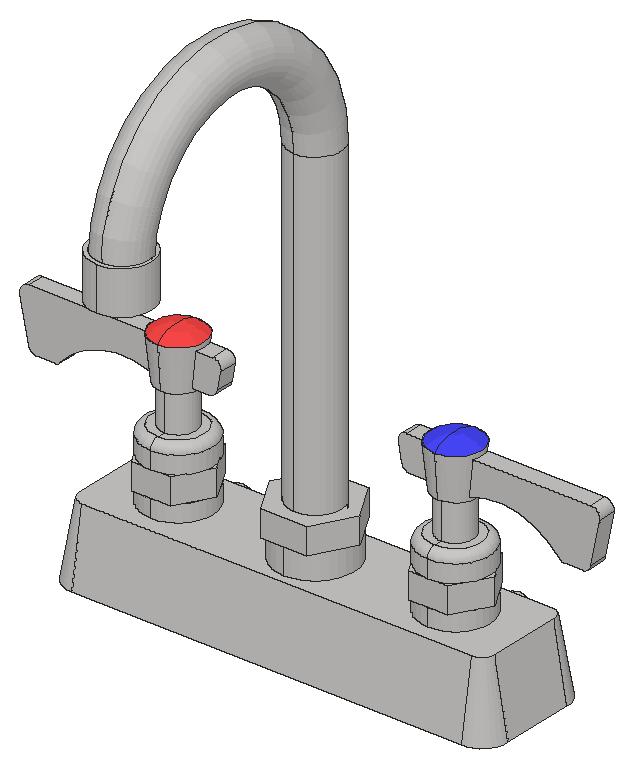
Revit family "Krowne_15-325L_DeckMount_Faucet", category Plumbing Fixtures, Revit 2018
Family settings
  Round Connector Dimension = Use Diameter
  Part Type = Normal
  OmniClass Number = 23.40.40.00
  OmniClass Title = Food Service Equipment and Furnishings
  Work Plane-Based = No
  Always vertical = Yes
  Cut with Voids When Loaded = No
  Shared = No
  Room Calculation Point = No
Parameters (values of type "DefaultType")
  Width = 8 3/8"
  Weight in Pounds = 5
  Watermarked By = ""
  Waste Water Discharge Temperature [instance] = -459.67 °F
  URL Cutsheet = ""
  URL = "https://krowne.com/"
  Status [instance] = ""
  Specification by User [instance] = ""
  Specification by Manufacturer [instance] = ""
  Serial Number [instance] = ""
  Revision Code [instance] = ""
  Plumbing Remarks [instance] = ""
  Plumbing Connection Type = ""
  NAFEM Spec ID Number [instance] = ""
  Model = "15-325L"
  Masterspec [instance] = ""
  Manufacturer = "Krowne Metal"
  KCLRef = "KCL2C9,,0004c586-0000-0000-0000-000000000307,KR,15-325L ,637100880040000000,c44e7d59-367d-435c-9bc7-db3a8c9d2ff0,959c6856-f397-4dd0-adf9-86bfaaf287e4"
  KCL SpecSheet URL = "http://kclweb.kclcad.com/imagehandler.ashx?kdoc=15-3xxl&R=KR&M=15-325L%20&VC=7&TID=KCLWeb&T=doc"
  Item Number [instance] = "-"
  Installed By [instance] = ""
  Hot Water Temperature = 100 °F
  Hot Water Size = 1/2"
  Hot Water RI Height [instance] = 0"
  Hot Water Minimum Pressure = 0.00 psi
  Hot Water Maximum Pressure = 0.00 psi
  Hot Water Flow = 0.5 GPM
  Hot Water Consumption = 0 GPM
  Hot Water Connection Height = 0"
  Height = 3 3/8"
  Furnished By [instance] = ""
  Foodservice Equipment Identifier = yes
  Description = "Deck Mount Faucet"
  Depth = 1 7/8"
  Cold Water Temperature Recommended = -459.67 °F
  Cold Water Size = 1/2"
  Cold Water RI Height [instance] = 0"
  Cold Water Minimum Pressure = 0.00 psi
  Cold Water Maximum Pressure = 0.00 psi
  Cold Water Flow = 0.5 GPM
  Cold Water Consumption = ""
  Cold Water Connection Height = 0"
  CSI MasterFormat = ""
  Assembly Code = "E1090300"
Reference planes (in)
  plane 1 "BACK": y = 0
  plane 2: z = 0
  plane 3 "LEFT": x = -16.75323
  plane 4 "RIGHT": x = -8.37823
  plane 5 "FRONT": y = -1.875
  plane 6 "TOP": z = 3.375
  plane 7 "CENTER L/R": x = -12.56573
  plane 8 "Top of Body": z = 1.0625
  plane 9: y = -0.9375
  plane 10: z = 5.9375
  plane 11: y = -4.4375
  plane 12: z = 8.5625
Forms (in)
  Sweep 1, solid, material "QF_Stainless-Polished"
    path origin (-12.56573, 0, 0) x (0, 1, 0) y (0, 0, 1)
      loop
        line (-0.9375, 1.0625) -> (-0.9375, 6.4375)
        arc (-0.9375, 6.4375) -> (-2.6875, 8.1875) -> (-4.4375, 6.4375) r 1.75
        line (-4.4375, 6.4375) -> (-4.4375, 5.9375)
    profile origin (-12.56573, -0.9375, 3.75) x (0, -1, 0) y (1, 0, 0)
      loop
        circle (0, 0) r 0.375
      loop
        circle (0, 0) r 0.25
  Extrusion 2, solid, material "QF_Stainless-Polished"
    sketch origin (0, 0, 1.0625) x (0, 1, 0) y (-1, 0, 0)
      loop
        circle (-0.9375, 12.56573) r 0.375
      loop
        circle (-0.9375, 12.56573) r 0.4375
    from 0 to 0.625
  Extrusion 3, solid, material "QF_Stainless-Polished"
    sketch origin (0, 0, 1.0625) x (0, 1, 0) y (-1, 0, 0)
      loop
        circle (-0.9375, 12.56573) r 0.5625
      loop
        circle (-0.9375, 12.56573) r 0.375
    from 0 to 0.375
  Extrusion 4, solid, material "QF_Stainless-Polished"
    sketch origin (0, 0, 1.4375) x (0, 1, 0) y (-1, 0, 0)
      loop
        line (-0.9375, 11.91391) -> (-0.37301, 12.23982) -> (-0.37301, 12.89163) -> (-0.9375, 13.21754) -> (-1.50199, 12.89163) -> (-1.50199, 12.23982) -> (-0.9375, 11.91391)
      loop
        circle (-0.9375, 12.56573) r 0.375
    from 0 to 0.375
  Extrusion 5, solid, material "QF_Stainless-Polished"
    sketch origin (-12.56573, -4.4375, 5.9375) x (0, -1, 0) y (-1, 0, 0)
      loop
        circle (0, 0) r 0.375
      loop
        circle (0, 0) r 0.4375
    from 0 to -0.625
Lines and regions (in)
  symbolic lines
    curve 1: line (-12.23982, -0.37301, 0) -> (-12.89163, -0.37301, 0)
    curve 2: line (-12.89163, -0.37301, 0) -> (-13.21754, -0.9375, 0)
    curve 3: line (-13.21754, -0.9375, 0) -> (-12.94073, -1.41696, 0)
    curve 4: line (-12.19073, -1.41696, 0) -> (-11.91391, -0.9375, 0)
    curve 5: line (-11.91391, -0.9375, 0) -> (-12.23982, -0.37301, 0)
    curve 6: arc (-12.56573, -1.3125, 0) -> (-12.94073, -0.9375, 0) -> (-12.56573, -0.5625, 0) r 0.375
    curve 7: arc (-12.56573, -0.5625, 0) -> (-12.19073, -0.9375, 0) -> (-12.56573, -1.3125, 0) r 0.375
    curve 8: arc (-12.94073, -4.4375, 0) -> (-12.83089, -4.70267, 0) -> (-12.56573, -4.8125, 0) r 0.375
    curve 9: arc (-12.56573, -4.8125, 0) -> (-12.30056, -4.70267, 0) -> (-12.19073, -4.4375, 0) r 0.375
    curve 10: line (-12.94073, -4.4375, 0) -> (-12.94073, -0.9375, 0)
    curve 11: line (-12.19073, -0.9375, 0) -> (-12.19073, -4.4375, 0)
Dimensions and locks (in)
  "Width": plane 3 "LEFT" to plane 4 "RIGHT"
  "Depth": plane 5 "FRONT" to plane 1 "BACK"
  "Height": plane 6 "TOP" to plane 2
  plane 8 "Top of Body" to level = 1 1/16"
  equal spacing: plane 5 "FRONT", plane 9, plane 1 "BACK"
  equal spacing: plane 3 "LEFT", plane 7 "CENTER L/R", plane 4 "RIGHT"
  plane 10 to plane 8 "Top of Body" = 4 7/8"
  plane 11 to plane 1 "BACK" = 4 7/16"
  plane 12 to plane 8 "Top of Body" = 7 1/2"
  aligned and locked: level to plane 2
  aligned and locked: plane 9 to Sweep 1 sketch curve
  aligned and locked: Sweep 1 sketch curve to plane 11
  aligned and locked: plane 10 to Sweep 1 sketch curve
Automatic sketch dimensions
  Sweep 1 sketch curve to plane 8 "Top of Body" = 0"
  Sweep 1 sketch curve to Sweep 1 sketch curve = 0"  (x2)
  Sweep 1 sketch curve to plane 7 "CENTER L/R" = 0"
  Sweep 1 sketch curve to profile plane = 0"
  Extrusion 2 sketch curve to Extrusion 2 sketch curve = 0"  (x2)
  Extrusion 2 sketch curve to plane 7 "CENTER L/R" = 0"
  plane 9 to Extrusion 2 sketch curve = 0"
  Extrusion 4 sketch curve to Extrusion 4 sketch curve = 0"  (x2)
  Extrusion 4 sketch curve to Extrusion 4 sketch curve = 0.56449"  (x2)
  Extrusion 4 sketch curve to Extrusion 4 sketch curve = 0.32591"  (x5)
  Extrusion 4 sketch curve to Extrusion 4 sketch curve = 0.65182"
  curve 8 to curve 9 = 0"
  plane 9 to curve 2 = 0"
  plane 11 to curve 10 = 0"
  plane 9 to curve 10 = 0"
  curve 6 to plane 7 "CENTER L/R" = 0"
  plane 9 to curve 11 = 0"
  plane 9 to curve 4 = 0"
  plane 9 to curve 6 = 0"
  curve 1 to plane 7 "CENTER L/R" = 0.32591"
  curve 10 to curve 8 = 3/8"
  curve 3 to curve 10 = 0.27682"
  plane 7 "CENTER L/R" to curve 5 = 0.32591"
  curve 11 to curve 4 = 0.27682"
  plane 1 "BACK" to curve 1 = 0.37301"
  curve 3 to curve 6 = 0.10446"
  curve 4 to curve 6 = 0.10446"
  Extrusion 3 sketch curve to Extrusion 3 sketch curve = 0"  (x2)
  Extrusion 3 sketch curve to plane 7 "CENTER L/R" = 0"
  plane 9 to Extrusion 3 sketch curve = 0"
  Sweep 1 sketch curve to Sweep 1 sketch curve = 1/2"
  radius of Sweep 1 sketch curve = 3/8"
  radius of Sweep 1 sketch curve = 1/4"
  radius of Extrusion 2 sketch curve = 3/8"
  radius of Extrusion 2 sketch curve = 7/16"
  radius of Extrusion 4 sketch curve to Extrusion 3 = 0"
  radius of Extrusion 5 sketch curve to Sweep 1 = 0"
  radius of Sweep 1 to Extrusion 5 sketch curve = 1/16"
  radius of Extrusion 3 sketch curve = 9/16"
  radius of Extrusion 3 sketch curve = 3/8"
Nested families (in)
  nested 1: "QF_Krowne_15-3_Body" at (-0.1875, 0, 0), type "QF_Krowne_15-3_Body"
Connectors (in)
  piping at (-14.56573, 0.25, 0.53125), diameter 0.5, driven by "Hot Water Flow", driven by "Hot Water Size"
    settings: on nested 1, index 1, connector inside diameter 24", connector length 0", flow factor 0, pipe flow 0.5 GPM, pressure drop 0.00 psi, fitting loss kfactor 0, connector angle 0.00°, fixture units 0, engagement length 0", angle of deflection 0.00°, flow configuration 1, flow direction 1, fitting loss method 0, system type 19, joint type 0, gender type 0, connector reference index -1, connector utility 0, adjustable connector no, is connector primary yes, connector description "HOT WATER"
  piping at (-10.56573, 0.25, 0.53125), diameter 0.5, driven by "Cold Water Flow", driven by "Cold Water Size"
    settings: on nested 1, index 2, connector inside diameter 24", connector length 0", flow factor 0, pipe flow 0.5 GPM, pressure drop 0.00 psi, fitting loss kfactor 0, connector angle 0.00°, fixture units 0, engagement length 0", angle of deflection 0.00°, flow configuration 1, flow direction 1, fitting loss method 0, system type 20, joint type 0, gender type 0, connector reference index -1, connector utility 0, adjustable connector no, is connector primary no, connector description "COLD WATER"
Definition of nested family "QF_Krowne_15-3_Body"
  Parameters (values of type "QF_Krowne_15-3_Body")
    Width = 8 5/16"
    Watermarked By = ""
    Height = 3 7/8"
    Description = ""
    Depth = 1 13/16"
  Reference planes (in)
    plane 1 "BACK": y = 0
    plane 2: z = 0
    plane 3 "LEFT": x = -16.53448
    plane 4 "RIGHT": x = -8.22198
    plane 5 "TOP": z = 3.1875
    plane 6 "Center": x = -12.37823
    plane 7 "Left of Handle": x = -14.37823
    plane 8 "Right of Handle": x = -10.37823
    plane 9 "Top of Body": z = 1.0625
    plane 10 "FRONT": y = -1.8125
    plane 11: x = -15.56573
    plane 12: x = -9.19073
    plane 13 "Faucet Handle Center": y = -0.90625
    plane 14: y = -0.78125
    plane 15: y = -1.03125
    plane 16: z = 0.53125
    plane 17: z = 3.375
  Forms (in)
    Blend 1, solid
      base sketch origin (0, 0, 0) x (1, 0, 0) y (0, 1, 0)
        loop
          line (-15.19073, -1.8125) -> (-9.56573, -1.8125)
          arc (-9.56573, -1.8125) -> (-9.30056, -1.70267) -> (-9.19073, -1.4375) r 0.375
          line (-9.19073, -1.4375) -> (-9.19073, -0.375)
          arc (-9.19073, -0.375) -> (-9.30056, -0.10983) -> (-9.56573, 0) r 0.375
          line (-9.56573, 0) -> (-15.19073, 0)
          arc (-15.19073, 0) -> (-15.45589, -0.10983) -> (-15.56573, -0.375) r 0.375
          line (-15.56573, -0.375) -> (-15.56573, -1.4375)
          arc (-15.56573, -1.4375) -> (-15.45589, -1.70267) -> (-15.19073, -1.8125) r 0.375
      top sketch origin (0, 0, 0) x (1, 0, 0) y (0, 1, 0)
        loop
          arc (-15.37823, -1.4375) -> (-15.32331, -1.57008) -> (-15.19073, -1.625) r 0.1875
          line (-15.19073, -1.625) -> (-9.56573, -1.625)
          arc (-9.56573, -1.625) -> (-9.43314, -1.57008) -> (-9.37823, -1.4375) r 0.1875
          line (-9.37823, -1.4375) -> (-9.37823, -0.375)
          arc (-9.37823, -0.375) -> (-9.43314, -0.24242) -> (-9.56573, -0.1875) r 0.1875
          line (-9.56573, -0.1875) -> (-15.19073, -0.1875)
          arc (-15.19073, -0.1875) -> (-15.32331, -0.24242) -> (-15.37823, -0.375) r 0.1875
          line (-15.37823, -0.375) -> (-15.37823, -1.4375)
      from 0 to 1.0625
    Extrusion 2, solid
      sketch origin (0, 0, 1.0625) x (0, 1, 0) y (-1, 0, 0)
        loop
          circle (-0.90625, 14.37823) r 0.5
        loop
          circle (-0.90625, 10.37823) r 0.5
      from 0 to 0.25
    Extrusion 3, solid
      sketch origin (0, 0, 1.3125) x (0, 1, 0) y (-1, 0, 0)
        loop
          line (-0.90625, 13.81573) -> (-0.41911, 14.09698) -> (-0.41911, 14.65948) -> (-0.90625, 14.94073) -> (-1.39339, 14.65948) -> (-1.39339, 14.09698) -> (-0.90625, 13.81573)
        loop
          line (-0.90625, 9.81573) -> (-0.41911, 10.09698) -> (-0.41911, 10.65948) -> (-0.90625, 10.94073) -> (-1.39339, 10.65948) -> (-1.39339, 10.09698) -> (-0.90625, 9.81573)
      from 0 to 0.375
    Revolve 4, solid
      sketch origin (-14.37823, 0, 0) x (0, 1, 0) y (0, 0, 1)
        loop
          line (-0.90625, 1.6875) -> (-0.40625, 1.6875) -> (-0.40625, 1.9375)
          arc (-0.40625, 1.9375) -> (-0.44286, 2.02589) -> (-0.53125, 2.0625) r 0.125
          line (-0.53125, 2.0625) -> (-0.90625, 2.0625) -> (-0.90625, 1.6875)
        axis (-0.90625, 1.6875) -> (-0.90625, 2.0625)
      angle from 0 to 360
    Revolve 5, solid
      sketch origin (-10.37823, 0, 0) x (0, 1, 0) y (0, 0, 1)
        loop
          line (-0.90625, 1.6875) -> (-0.40625, 1.6875) -> (-0.40625, 1.9375)
          arc (-0.40625, 1.9375) -> (-0.44286, 2.02589) -> (-0.53125, 2.0625) r 0.125
          line (-0.53125, 2.0625) -> (-0.90625, 2.0625) -> (-0.90625, 1.6875)
        axis (-0.90625, 1.6875) -> (-0.90625, 2.0625)
      angle from 0 to 360
    Revolve 6, solid
      sketch origin (-10.37823, 0, 0) x (0, 1, 0) y (0, 0, 1)
        loop
          line (-0.90625, 2.0625) -> (-0.65625, 2.0625) -> (-0.65625, 2.625) -> (-0.90625, 2.625) -> (-0.90625, 2.0625)
        axis (-0.90625, 2.0625) -> (-0.90625, 2.625)
      angle from 0 to 360
    Revolve 7, solid
      sketch origin (-14.37823, 0, 0) x (0, 1, 0) y (0, 0, 1)
        loop
          line (-0.90625, 2.0625) -> (-0.65625, 2.0625) -> (-0.65625, 2.625) -> (-0.90625, 2.625) -> (-0.90625, 2.0625)
        axis (-0.90625, 2.0625) -> (-0.90625, 2.625)
      angle from 0 to 360
    Revolve 8, solid
      sketch origin (-14.37823, 0, 0) x (0, 1, 0) y (0, 0, 1)
        loop
          line (-0.90625, 2.625) -> (-0.59375, 2.625) -> (-0.53125, 3.25) -> (-0.90625, 3.25) -> (-0.90625, 2.625)
        axis (-0.90625, 2.625) -> (-0.90625, 3.25)
      angle from 0 to 360
    Revolve 9, solid
      sketch origin (-10.37823, 0, 0) x (0, 1, 0) y (0, 0, 1)
        loop
          line (-0.90625, 2.625) -> (-0.59375, 2.625) -> (-0.53125, 3.25) -> (-0.90625, 3.25) -> (-0.90625, 2.625)
        axis (-0.90625, 2.625) -> (-0.90625, 3.25)
      angle from 0 to 360
    Revolve 10, solid
      sketch origin (-14.37823, 0, 0) x (0, 1, 0) y (0, 0, 1)
        loop
          line (-0.90625, 3.25) -> (-0.53125, 3.25)
          arc (-0.53125, 3.25) -> (-0.70704, 3.34763) -> (-0.90625, 3.375) r 0.54601
          line (-0.90625, 3.375) -> (-0.90625, 3.25)
        axis (-0.90625, 3.25) -> (-0.90625, 3.375)
      angle from 0 to 360
    Revolve 11, solid
      sketch origin (-10.37823, 0, 0) x (0, 1, 0) y (0, 0, 1)
        loop
          line (-0.90625, 3.25) -> (-0.53125, 3.25)
          arc (-0.53125, 3.25) -> (-0.70704, 3.34763) -> (-0.90625, 3.375) r 0.54601
          line (-0.90625, 3.375) -> (-0.90625, 3.25)
        axis (-0.90625, 3.25) -> (-0.90625, 3.375)
      angle from 0 to 360
    Extrusion 12, solid
      sketch origin (0, 0, 0) x (1, 0, 0) y (0, 0, 1)
        loop
          circle (-14.37823, 0.53125) r 0.25
        loop
          circle (-10.37823, 0.53125) r 0.25
      from 0.21074 to -0.25
    Extrusion 13, solid
      sketch origin (0, -0.90625, 0) x (1, 0, 0) y (0, 0, 1)
        loop
          arc (-16.43825, 3.1875) -> (-16.53492, 3.14175) -> (-16.56082, 3.03799) r 0.125
          line (-16.56082, 3.03799) -> (-16.43584, 2.41303)
          arc (-16.43584, 2.41303) -> (-16.39251, 2.34087) -> (-16.31326, 2.31254) r 0.125
          line (-16.31326, 2.31254) -> (-16.06338, 2.31254)
          arc (-16.06338, 2.31254) -> (-16.01059, 2.32423) -> (-15.96768, 2.35712) r 0.125
          arc (-15.96768, 2.35712) -> (-15.39497, 2.72229) -> (-14.7163, 2.69449) r 1.13354
          arc (-14.7163, 2.69449) -> (-14.69547, 2.68898) -> (-14.674, 2.68712) r 0.125
          line (-14.674, 2.68712) -> (-13.83077, 2.68712)
          arc (-13.83077, 2.68712) -> (-13.75152, 2.71545) -> (-13.7082, 2.78761) r 0.125
          line (-13.7082, 2.78761) -> (-13.65813, 3.03799)
          arc (-13.65813, 3.03799) -> (-13.68403, 3.14175) -> (-13.7807, 3.1875) r 0.125
          line (-13.7807, 3.1875) -> (-16.43825, 3.1875)
        loop
          line (-8.3182, 3.1875) -> (-10.97575, 3.1875)
          arc (-10.97575, 3.1875) -> (-11.07242, 3.14175) -> (-11.09832, 3.03799) r 0.125
          line (-11.09832, 3.03799) -> (-11.04825, 2.78761)
          arc (-11.04825, 2.78761) -> (-11.00493, 2.71545) -> (-10.92568, 2.68712) r 0.125
          line (-10.92568, 2.68712) -> (-10.08245, 2.68712)
          arc (-10.08245, 2.68712) -> (-10.06098, 2.68898) -> (-10.04015, 2.69449) r 0.125
          arc (-10.04015, 2.69449) -> (-9.36148, 2.72229) -> (-8.78877, 2.35712) r 1.13354
          arc (-8.78877, 2.35712) -> (-8.74586, 2.32423) -> (-8.69307, 2.31254) r 0.125
          line (-8.69307, 2.31254) -> (-8.44319, 2.31254)
          arc (-8.44319, 2.31254) -> (-8.36394, 2.34087) -> (-8.32061, 2.41303) r 0.125
          line (-8.32061, 2.41303) -> (-8.19563, 3.03799)
          arc (-8.19563, 3.03799) -> (-8.22153, 3.14175) -> (-8.3182, 3.1875) r 0.125
      from -0.125 to 0.125
  Lines and regions (in)
    symbolic lines
      curve 1: line (-16.56082, -0.78125, 1.0625) -> (-13.6557, -0.78125, 1.0625)
      curve 2: line (-16.56082, -1.03125, 1.0625) -> (-16.56082, -0.78125, 1.0625)
      curve 3: line (-13.6557, -1.03125, 1.0625) -> (-16.56082, -1.03125, 1.0625)
      curve 4: line (-13.6557, -0.78125, 1.0625) -> (-13.6557, -1.03125, 1.0625)
      curve 5: line (-8.22198, -0.78125, 1.0625) -> (-11.10075, -0.78125, 1.0625)
      curve 6: line (-8.22198, -1.03125, 1.0625) -> (-8.22198, -0.78125, 1.0625)
      curve 7: line (-11.10075, -1.03125, 1.0625) -> (-8.22198, -1.03125, 1.0625)
      curve 8: line (-11.10075, -0.78125, 1.0625) -> (-11.10075, -1.03125, 1.0625)
      curve 9: line (-9.56573, 0, 1.0625) -> (-15.19073, 0, 1.0625)
      curve 10: line (-9.19073, -1.4375, 1.0625) -> (-9.19073, -1.03125, 1.0625)
      curve 11: line (-15.19073, -1.8125, 1.0625) -> (-9.56573, -1.8125, 1.0625)
      curve 12: line (-15.56573, -0.375, 1.0625) -> (-15.56573, -0.78125, 1.0625)
      curve 13: line (-15.56573, -1.03125, 1.0625) -> (-15.56573, -1.4375, 1.0625)
      curve 14: line (-9.19073, -0.78125, 1.0625) -> (-9.19073, -0.375, 1.0625)
      curve 15: line (-14.65948, -0.41911, 1.0625) -> (-14.86856, -0.78125, 1.0625)
      curve 16: line (-14.65948, -0.41911, 1.0625) -> (-14.09698, -0.41911, 1.0625)
      curve 17: line (-14.09698, -0.41911, 1.0625) -> (-13.88789, -0.78125, 1.0625)
      curve 18: line (-14.09698, -1.39339, 1.0625) -> (-14.65948, -1.39339, 1.0625)
      curve 19: line (-14.65948, -1.39339, 1.0625) -> (-14.86856, -1.03125, 1.0625)
      curve 20: line (-14.09698, -1.39339, 1.0625) -> (-13.88789, -1.03125, 1.0625)
      curve 21: line (-10.65948, -0.41911, 1.0625) -> (-10.09698, -0.41911, 1.0625)
      curve 22: line (-10.09698, -0.41911, 1.0625) -> (-9.88789, -0.78125, 1.0625)
      curve 23: line (-10.65948, -0.41911, 1.0625) -> (-10.86856, -0.78125, 1.0625)
      curve 24: line (-10.09698, -1.39339, 1.0625) -> (-10.65948, -1.39339, 1.0625)
      curve 25: line (-10.65948, -1.39339, 1.0625) -> (-10.86856, -1.03125, 1.0625)
      curve 26: line (-10.09698, -1.39339, 1.0625) -> (-9.88789, -1.03125, 1.0625)
      curve 27: arc (-15.56573, -0.375, 1.0625) -> (-15.45589, -0.10983, 1.0625) -> (-15.19073, 0, 1.0625) r 0.375
      curve 28: arc (-9.19073, -0.375, 1.0625) -> (-9.30056, -0.10983, 1.0625) -> (-9.56573, 0, 1.0625) r 0.375
      curve 29: arc (-9.19073, -1.4375, 1.0625) -> (-9.30056, -1.70267, 1.0625) -> (-9.56573, -1.8125, 1.0625) r 0.375
      curve 30: arc (-15.19073, -1.8125, 1.0625) -> (-15.45589, -1.70267, 1.0625) -> (-15.56573, -1.4375, 1.0625) r 0.375
      curve 31: line (-9.56573, -0.1875, 1.0625) -> (-15.19073, -0.1875, 1.0625)
      curve 32: arc (-15.19073, -0.1875, 1.0625) -> (-15.32331, -0.24242, 1.0625) -> (-15.37823, -0.375, 1.0625) r 0.1875
      curve 33: arc (-15.37823, -1.4375, 1.0625) -> (-15.32331, -1.57008, 1.0625) -> (-15.19073, -1.625, 1.0625) r 0.1875
      curve 34: line (-15.19073, -1.625, 1.0625) -> (-9.56573, -1.625, 1.0625)
      curve 35: arc (-9.56573, -1.625, 1.0625) -> (-9.43314, -1.57008, 1.0625) -> (-9.37823, -1.4375, 1.0625) r 0.1875
      curve 36: arc (-9.37823, -0.375, 1.0625) -> (-9.43314, -0.24242, 1.0625) -> (-9.56573, -0.1875, 1.0625) r 0.1875
      curve 37: line (-9.37823, -0.375, 1.0625) -> (-9.37823, -0.78125, 1.0625)
      curve 38: line (-9.37823, -1.4375, 1.0625) -> (-9.37823, -1.03125, 1.0625)
      curve 39: line (-15.37823, -1.4375, 1.0625) -> (-15.37823, -1.03125, 1.0625)
      curve 40: line (-15.37823, -0.375, 1.0625) -> (-15.37823, -0.78125, 1.0625)
  Dimensions and locks (in)
    "Width": plane 3 "LEFT" to plane 4 "RIGHT"
    equal spacing: plane 3 "LEFT", plane 6 "Center", plane 4 "RIGHT"
    equal spacing: plane 7 "Left of Handle", plane 6 "Center", plane 8 "Right of Handle"
    plane 9 "Top of Body" to level = 1 1/16"
    equal spacing: plane 10 "FRONT", plane 13 "Faucet Handle Center", plane 1 "BACK"
    equal spacing: plane 15, plane 13 "Faucet Handle Center", plane 14
    locked: plane 15 to plane 14 at 0.25
    equal spacing: plane 9 "Top of Body", plane 16, level
    plane 7 "Left of Handle" to plane 8 "Right of Handle" = 4"
    "Depth": plane 10 "FRONT" to plane 1 "BACK"
    plane 6 "Center" to plane 12 = 3 3/16"
    plane 11 to plane 6 "Center" = 3 3/16"
    plane 5 "TOP" to level = 3 3/16"
    plane 17 to level = 3 3/8"
    aligned and locked: level to plane 2
    aligned and locked: plane 9 "Top of Body" to Blend 1
    aligned and locked: Extrusion 3 to Revolve 5 sketch curve
    aligned and locked: Revolve 8 sketch curve to Revolve 8 sketch curve
    aligned and locked: Revolve 9 sketch curve to Revolve 9 sketch curve
    aligned and locked: plane 4 "RIGHT" to curve 6
    aligned and locked: curve 12 to plane 11
    aligned and locked: Extrusion 13 sketch curve to plane 5 "TOP"
    aligned and locked: plane 5 "TOP" to Extrusion 13 sketch curve
    aligned and locked: Extrusion 13 to plane 14
    aligned and locked: plane 15 to Extrusion 13
    aligned and locked: plane 10 "FRONT" to Blend 1 sketch curve
    aligned and locked: Blend 1 sketch curve to plane 11
    aligned and locked: plane 10 "FRONT" to curve 11
    aligned and locked: plane 13 "Faucet Handle Center" to Revolve 5 sketch curve
  Automatic sketch dimensions
    Extrusion 2 sketch curve to plane 8 "Right of Handle" = 0"
    plane 13 "Faucet Handle Center" to Extrusion 2 sketch curve = 0"  (x2)
    Extrusion 2 sketch curve to plane 7 "Left of Handle" = 0"
    Revolve 4 sketch curve to plane 13 "Faucet Handle Center" = 0"  (x2)
    Revolve 4 sketch curve to Revolve 4 sketch curve = 3/8"
    Revolve 4 sketch curve to Revolve 4 sketch curve = 1/8"
    plane 9 "Top of Body" to Revolve 4 sketch curve = 5/8"
    Revolve 4 sketch curve to Revolve 4 sketch curve = 1/4"
    Revolve 4 sketch curve to Revolve 4 sketch curve = 0"  (x2)
    Revolve 5 sketch curve to plane 13 "Faucet Handle Center" = 0"
    Revolve 5 sketch curve to Revolve 5 sketch curve = 3/8"
    Revolve 5 sketch curve to Revolve 5 sketch curve = 1/8"
    Revolve 5 sketch curve to Revolve 5 sketch curve = 0"  (x2)
    Revolve 5 sketch curve to Revolve 5 sketch curve = 1/4"
    Revolve 6 sketch curve to plane 13 "Faucet Handle Center" = 0"  (x2)
    Revolve 6 sketch curve to plane 13 "Faucet Handle Center" = 1/4"
    plane 9 "Top of Body" to Revolve 6 sketch curve = 1"
    Revolve 6 sketch curve to Revolve 6 sketch curve = 9/16"
    Revolve 6 sketch curve to Revolve 6 sketch curve = 3/8"
    Revolve 6 sketch curve to Revolve 6 sketch curve = 0"
    Revolve 7 sketch curve to plane 13 "Faucet Handle Center" = 0"  (x2)
    Revolve 7 sketch curve to Revolve 7 sketch curve = 1/4"
    plane 9 "Top of Body" to Revolve 7 sketch curve = 1"
    Revolve 7 sketch curve to Revolve 7 sketch curve = 9/16"
    Revolve 7 sketch curve to Revolve 7 sketch curve = 3/8"
    Revolve 7 sketch curve to Revolve 7 sketch curve = 0"
    Revolve 8 sketch curve to plane 13 "Faucet Handle Center" = 0"
    Revolve 8 sketch curve to Revolve 8 sketch curve = 5/16"
    plane 5 "TOP" to Revolve 8 sketch curve = 1/16"
    Revolve 8 sketch curve to Revolve 8 sketch curve = 3/8"
    Revolve 8 sketch curve to plane 5 "TOP" = 9/16"
    Revolve 8 sketch curve to Revolve 8 sketch curve = 0"  (x2)
    Revolve 9 sketch curve to plane 13 "Faucet Handle Center" = 0"
    Revolve 9 sketch curve to plane 13 "Faucet Handle Center" = 5/16"
    plane 5 "TOP" to Revolve 9 sketch curve = 1/16"
    Revolve 9 sketch curve to plane 13 "Faucet Handle Center" = 3/8"
    Revolve 9 sketch curve to plane 5 "TOP" = 9/16"
    Revolve 9 sketch curve to Revolve 9 sketch curve = 0"  (x2)
    Revolve 10 sketch curve to plane 13 "Faucet Handle Center" = 0"  (x2)
    Revolve 10 sketch curve to plane 13 "Faucet Handle Center" = 0.02655"
    plane 5 "TOP" to Revolve 10 sketch curve = 1/16"
    Revolve 10 sketch curve to Revolve 10 sketch curve = 3/8"
    Revolve 10 sketch curve to plane 5 "TOP" = 0.35786"
    Revolve 10 sketch curve to Revolve 10 sketch curve = 0"  (x2)
    Revolve 11 sketch curve to plane 13 "Faucet Handle Center" = 0"  (x2)
    Revolve 11 sketch curve to plane 13 "Faucet Handle Center" = 0.02655"
    plane 5 "TOP" to Revolve 11 sketch curve = 1/16"
    Revolve 11 sketch curve to Revolve 11 sketch curve = 3/8"
    Revolve 11 sketch curve to plane 5 "TOP" = 0.35786"
    Revolve 11 sketch curve to Revolve 11 sketch curve = 0"  (x2)
    Extrusion 12 sketch curve to plane 7 "Left of Handle" = 0"
    Extrusion 12 sketch curve to plane 8 "Right of Handle" = 0"
    Extrusion 12 sketch curve to plane 16 = 0"  (x2)
    Extrusion 13 sketch curve to plane 7 "Left of Handle" = 0.29578"
    plane 11 to Extrusion 13 sketch curve = 0.46583"
    plane 3 "LEFT" to Extrusion 13 sketch curve = 0.4711"
    plane 3 "LEFT" to Extrusion 13 sketch curve = 0.22121"
    plane 3 "LEFT" to Extrusion 13 sketch curve = 0.09864"
    plane 3 "LEFT" to Extrusion 13 sketch curve = 0.09623"
    Extrusion 13 sketch curve to plane 3 "LEFT" = 0.02635"
    plane 7 "Left of Handle" to Extrusion 13 sketch curve = 0.54745"
    Extrusion 13 sketch curve to plane 5 "TOP" = 1/8"  (x2)
    Extrusion 13 sketch curve to Extrusion 13 sketch curve = 0.05007"  (x2)
    Extrusion 13 sketch curve to plane 5 "TOP" = 0.39989"
    Extrusion 13 sketch curve to Extrusion 13 sketch curve = 0.12257"  (x2)
    Extrusion 13 sketch curve to plane 5 "TOP" = 0.14951"  (x4)
    Extrusion 13 sketch curve to plane 8 "Right of Handle" = 0.7201"
    plane 8 "Right of Handle" to Extrusion 13 sketch curve = 0.29578"
    Extrusion 13 sketch curve to plane 12 = 0.46583"
    Extrusion 13 sketch curve to plane 4 "RIGHT" = 0.4711"
    Extrusion 13 sketch curve to plane 4 "RIGHT" = 0.22121"
    Extrusion 13 sketch curve to plane 4 "RIGHT" = 0.09864"
    Extrusion 13 sketch curve to plane 4 "RIGHT" = 0.09623"
    plane 4 "RIGHT" to Extrusion 13 sketch curve = 0.02635"
    Extrusion 13 sketch curve to Extrusion 13 sketch curve = 0.25038"
    Extrusion 13 sketch curve to Extrusion 13 sketch curve = 0.10049"  (x2)
    Extrusion 13 sketch curve to plane 5 "TOP" = 0.74996"  (x2)
    Extrusion 13 sketch curve to Extrusion 13 sketch curve = 0"  (x4)
    Extrusion 13 sketch curve to Extrusion 13 sketch curve = 0.02451"  (x2)
    plane 9 "Top of Body" to Extrusion 13 sketch curve = 0.56533"  (x2)
    Extrusion 13 sketch curve to Extrusion 13 sketch curve = 1/8"  (x2)
    plane 11 to Blend 1 sketch curve = 3/8"
    Blend 1 sketch curve to Blend 1 sketch curve = 3/8"
    plane 1 "BACK" to Blend 1 sketch curve = 3/8"  (x2)
    Blend 1 sketch curve to plane 12 = 3/8"
    Blend 1 sketch curve to plane 12 = 3/16"
    Blend 1 sketch curve to Blend 1 sketch curve = 3/16"  (x4)
    plane 11 to Blend 1 sketch curve = 3/16"
    Blend 1 sketch curve to plane 10 "FRONT" = 3/8"
    plane 1 "BACK" to Blend 1 sketch curve = 0"
    Blend 1 sketch curve to plane 12 = 0"
    curve 27 to curve 32 = 0"  (x2)
    curve 28 to curve 36 = 0"  (x2)
    curve 29 to curve 35 = 0"  (x2)
    curve 30 to curve 33 = 0"  (x2)
    curve 30 to plane 11 = 0"
    curve 29 to plane 12 = 0"
    plane 15 to curve 4 = 0"
    plane 15 to curve 26 = 0"
    plane 14 to curve 40 = 0"
    plane 14 to curve 23 = 0"
    curve 14 to plane 12 = 0"
    plane 1 "BACK" to curve 9 = 0"
    curve 34 to plane 10 "FRONT" = 3/16"
    curve 33 to curve 33 = 3/16"
    curve 34 to curve 35 = 3/16"
    plane 15 to curve 26 = 0.36214"
    plane 15 to curve 20 = 0.36214"
    curve 17 to plane 14 = 0.36214"
    curve 23 to plane 14 = 0.36214"
    curve 27 to curve 27 = 3/8"
    plane 1 "BACK" to curve 14 = 3/8"
    curve 31 to curve 28 = 3/16"
    plane 8 "Right of Handle" to curve 22 = 9/32"
    plane 8 "Right of Handle" to curve 24 = 9/32"
    curve 24 to plane 8 "Right of Handle" = 9/32"
    curve 21 to plane 8 "Right of Handle" = 9/32"
    curve 21 to curve 8 = 0.44128"
    plane 7 "Left of Handle" to curve 4 = 0.72253"
    plane 7 "Left of Handle" to curve 20 = 9/32"
    plane 7 "Left of Handle" to curve 17 = 9/32"
    curve 19 to plane 7 "Left of Handle" = 9/32"
    curve 16 to plane 7 "Left of Handle" = 9/32"
    curve 2 to plane 3 "LEFT" = 0.02635"
    curve 22 to curve 21 = 0.20908"
    curve 26 to curve 22 = 0"
    curve 23 to curve 5 = 0.2322"
    curve 25 to curve 7 = 0.2322"
    curve 3 to curve 20 = 0.2322"
    curve 1 to curve 17 = 0.2322"
    curve 18 to curve 19 = 0.20908"
    curve 15 to curve 19 = 0"
    Extrusion 3 sketch curve to Extrusion 3 sketch curve = 0"
    Extrusion 3 sketch curve to Extrusion 3 sketch curve = 0.48714"  (x6)
    Extrusion 3 sketch curve to Extrusion 3 sketch curve = 9/32"  (x6)
    Extrusion 3 sketch curve to Extrusion 3 sketch curve = 9/16"  (x4)
    Extrusion 3 sketch curve to Extrusion 3 sketch curve = 2 7/8"
    radius of Extrusion 2 sketch curve = 1/2"  (x2)
    radius of Extrusion 12 sketch curve = 1/4"  (x2)
